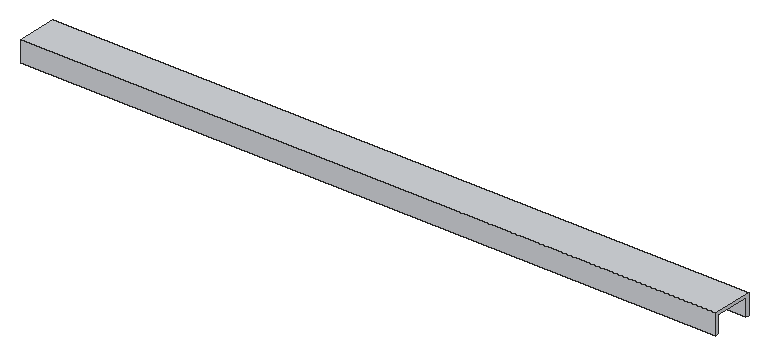
Revit family "Steelbar", category Specialty Equipment, Revit 2019
Family settings
  Round Connector Dimension = Use Diameter
  Part Type = Normal
  Work Plane-Based = No
  Always vertical = Yes
  Cut with Voids When Loaded = No
  Shared = No
  Room Calculation Point = No
Parameters
  Profile Thickness [instance] = 3 mm
  Model = ""
  Description = "STEEL BAR"
  Bar Length [instance] = 704.212 mm
  B [instance] = 21 mm
  A [instance] = 41 mm
Reference planes
  plane 1 "Center (Front/Back)": y = 0
  plane 2: z = 0
  plane 3 "Center (Left/Right)": x = 0
  plane 4: x = -352.106
  plane 5: x = 352.106
Forms (mm)
  Sweep 1, solid
    path in 3D
      loop
        line (-352.106, 0, 0) -> (352.106, 0, 0)
    profile "BarProfile : BarProfile" origin (0, 0, 0) x (0, 1, 0) y (0, 0, 1)
      loop
        line (-20.5, -21) -> (-17.5, -21) -> (-17.5, -3) -> (17.5, -3) -> (17.5, -21) -> (20.5, -21) -> (20.5, 0) -> (-20.5, 0) -> (-20.5, -21)
Lines and regions (mm)
  reference lines
    curve 1: line (-352.106, 0, 0) -> (352.106, 0, 0)
  sketch lines
    curve 2: line (-352.106, 0, 0) -> (352.106, 0, 0)
Dimensions and locks
  equal spacing: plane 4, plane 3 "Center (Left/Right)", plane 5
  "Bar Length": plane 4 to plane 5
  aligned and locked: level to plane 2
Automatic sketch dimensions
  plane 1 "Center (Front/Back)" to curve 1 = 0 mm
  curve 1 to plane 4 = 0 mm
  curve 1 to plane 5 = 0 mm
